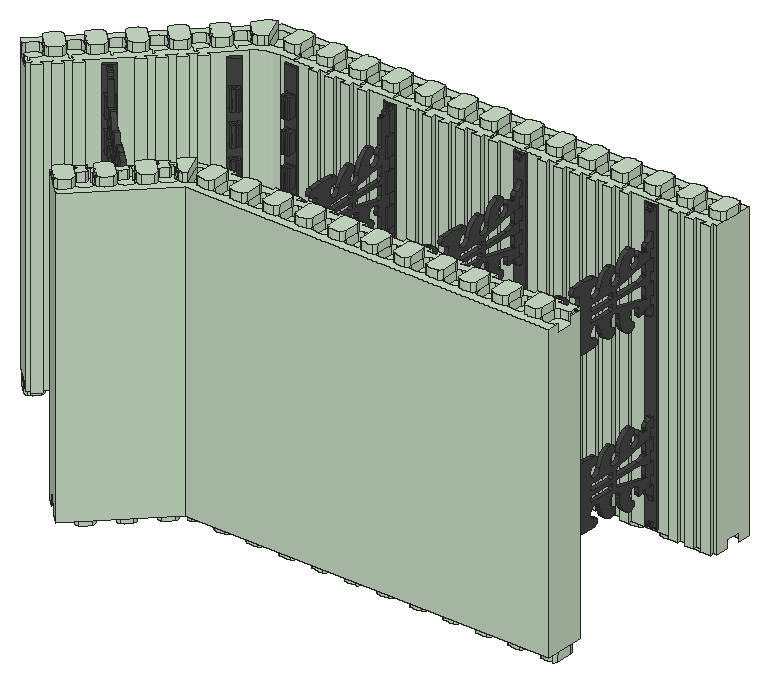
Revit family "ICF- NUDURA 10-inch- 45 Degree Form Unit- Imperial", category Generic Models, Revit 2010 (continued)
Definition of nested family "NUDURA Logo Diamond Missing Outside Line"
  Lines and regions (in)
    model lines
      curve 140: line (11.97232, 0, 11.75355) -> (11.73906, 0, 11.88822)
      curve 141: line (11.73906, 0, 11.88822) -> (11.52256, 0, 11.76322)
      curve 142: line (11.52256, 0, 11.76322) -> (11.52256, 0, 11.26322)
      curve 143: line (11.77256, 0, 11.38822) -> (11.77256, 0, 11.63822)
      curve 144: line (12.18882, 0, 11.14789) -> (11.77256, 0, 11.38822)
      curve 145: line (11.95557, 0, 11.01322) -> (12.18882, 0, 11.14789)
      curve 146: line (11.52256, 0, 11.26322) -> (11.95557, 0, 11.01322)
      curve 147: line (12.31108, 0, 10.60411) -> (11.68379, 0, 10.74458)
      curve 148: line (11.68379, 0, 10.74458) -> (11.68379, 0, 10.51321)
      curve 149: line (11.68379, 0, 10.51321) -> (12.1295, 0, 10.41405)
      curve 150: line (12.1295, 0, 10.41405) -> (11.68379, 0, 10.27358)
      curve 151: line (11.68379, 0, 10.27358) -> (11.68379, 0, 9.8852)
      curve 152: line (11.68379, 0, 9.8852) -> (12.17077, 0, 9.77615)
      curve 153: line (12.17077, 0, 9.77615) -> (12.17077, 0, 9.74472)
      curve 154: line (12.17077, 0, 9.74472) -> (11.86146, 0, 9.80279)
      curve 155: line (11.68379, 0, 9.65536) -> (11.68379, 0, 9.35864)
      curve 156: line (12.07077, 0, 8.74385) -> (12.07077, 0, 8.99996)
      curve 157: line (12.07077, 0, 8.99996) -> (11.68379, 0, 9.08605)
      curve 158: line (11.68379, 0, 9.08605) -> (11.68379, 0, 8.47809)
      curve 159: line (11.91823, 0, 9.06589) -> (12.31108, 0, 8.97792)
      curve 160: line (11.82444, 0, 8.55476) -> (11.82444, 0, 8.79865)
      curve 161: line (11.82444, 0, 8.79865) -> (12.07077, 0, 8.74385)
      curve 162: line (11.68379, 0, 8.07193) -> (11.68379, 0, 7.77522)
      curve 163: line (11.91823, 0, 7.48247) -> (12.21108, 0, 7.41688)
      curve 164: line (12.21108, 0, 7.41688) -> (12.21108, 0, 6.95405)
      curve 165: line (12.16108, 0, 6.90405) -> (12.12077, 0, 6.90405)
      curve 166: line (12.07077, 0, 6.95405) -> (12.07077, 0, 7.08675)
      curve 167: line (12.07077, 0, 7.08675) -> (12.12077, 0, 7.07556)
      curve 168: line (12.12077, 0, 7.07556) -> (12.12077, 0, 7.33463)
      curve 169: line (12.12077, 0, 7.33463) -> (11.68379, 0, 7.43249)
      curve 170: line (11.68379, 0, 7.43249) -> (11.68379, 0, 7.17341)
      curve 171: line (11.68379, 0, 7.17341) -> (11.97077, 0, 7.10915)
      curve 172: line (11.97077, 0, 7.10915) -> (11.97077, 0, 6.99425)
      curve 173: line (11.92077, 0, 6.94425) -> (11.68379, 0, 6.94425)
      curve 174: line (11.68379, 0, 6.94425) -> (11.68379, 0, 6.45682)
      curve 175: line (11.68379, 0, 6.45682) -> (11.78284, 0, 6.38658)
      curve 176: line (11.78284, 0, 6.38658) -> (11.78284, 0, 6.05178)
      curve 177: line (12.12371, 0, 6.14486) -> (11.88284, 0, 6.31567)
      curve 178: line (11.88284, 0, 6.31567) -> (11.88284, 0, 6.07909)
      curve 179: line (11.88284, 0, 6.07909) -> (12.12371, 0, 6.14486)
      curve 180: line (11.78284, 0, 6.05178) -> (11.68379, 0, 6.02474)
      curve 181: line (11.68379, 0, 6.02474) -> (11.68379, 0, 5.75355)
      curve 182: line (11.68379, 0, 5.75355) -> (12.31108, 0, 5.92483)
      curve 183: line (12.31108, 0, 5.92483) -> (12.31108, 0, 6.28791)
      curve 184: line (12.31108, 0, 6.28791) -> (11.76249, 0, 6.67694)
      curve 185: line (11.76249, 0, 6.67694) -> (11.90321, 0, 6.67694)
      curve 186: line (12.31108, 0, 6.78674) -> (12.31108, 0, 7.63562)
      curve 187: line (12.31108, 0, 7.63562) -> (11.90258, 0, 7.7271)
      curve 188: line (11.82444, 0, 7.82469) -> (11.82444, 0, 7.92839)
      curve 189: line (11.88536, 0, 7.97718) -> (12.31108, 0, 7.88185)
      curve 190: line (12.31108, 0, 7.88185) -> (12.31108, 0, 8.13496)
      curve 191: line (12.31108, 0, 8.13496) -> (12.08042, 0, 8.17826)
      curve 192: line (12.31108, 0, 8.38353) -> (12.31108, 0, 8.9465)
      curve 193: line (12.31108, 0, 8.9465) -> (12.17077, 0, 8.97771)
      curve 194: line (12.17077, 0, 8.97771) -> (12.17077, 0, 8.55476)
      curve 195: line (12.31108, 0, 8.97792) -> (12.31108, 0, 9.21905)
      curve 196: line (12.31108, 0, 9.21905) -> (11.90258, 0, 9.31053)
      curve 197: line (11.82444, 0, 9.40811) -> (11.82444, 0, 9.51182)
      curve 198: line (11.87938, 0, 9.56195) -> (12.31108, 0, 9.46528)
      curve 199: line (12.31108, 0, 9.46528) -> (12.31108, 0, 9.98469)
      curve 200: line (12.31108, 0, 9.98469) -> (11.90664, 0, 10.07526)
      curve 201: line (11.90664, 0, 10.07526) -> (12.31108, 0, 10.20747)
      curve 202: line (12.31108, 0, 10.20747) -> (12.31108, 0, 10.60411)
      curve 203: arc (11.68379, 0, 9.65536) -> (11.73801, 0, 9.7708) -> (11.86146, 0, 9.80279) r 0.15
      curve 204: arc (11.68379, 0, 9.35864) -> (11.74962, 0, 9.17112) -> (11.91823, 0, 9.06589) r 0.3
      curve 205: arc (11.84417, 0, 8.22149) -> (11.72718, 0, 8.32679) -> (11.68379, 0, 8.47809) r 0.28547
      curve 206: arc (11.68379, 0, 8.07193) -> (11.73147, 0, 8.18158) -> (11.84417, 0, 8.22149) r 0.14992
      curve 207: arc (11.68379, 0, 7.77522) -> (11.74962, 0, 7.58769) -> (11.91823, 0, 7.48247) r 0.3
      curve 208: arc (11.82444, 0, 7.82469) -> (11.84638, 0, 7.76218) -> (11.90258, 0, 7.7271) r 0.1
      curve 209: arc (11.82444, 0, 7.92839) -> (11.84318, 0, 7.96742) -> (11.88536, 0, 7.97718) r 0.05
      curve 210: arc (12.12077, 0, 6.90405) -> (12.08541, 0, 6.91869) -> (12.07077, 0, 6.95405) r 0.05
      curve 211: arc (12.16108, 0, 6.90405) -> (12.19644, 0, 6.91869) -> (12.21108, 0, 6.95405) r 0.05
      curve 212: arc (11.97077, 0, 6.99425) -> (11.95612, 0, 6.95889) -> (11.92077, 0, 6.94425) r 0.05
      curve 213: arc (11.90321, 0, 6.67694) -> (11.96756, 0, 6.70069) -> (12.00104, 0, 6.76055) r 0.09904
      curve 214: arc (12.00104, 0, 6.76055) -> (12.1681, 0, 6.63117) -> (12.31108, 0, 6.78674) r 0.15613
      curve 215: arc (12.08042, 0, 8.17826) -> (12.24181, 0, 8.22914) -> (12.31108, 0, 8.38353) r 0.20667
      curve 216: arc (11.82444, 0, 8.55476) -> (11.9976, 0, 8.3816) -> (12.17077, 0, 8.55476) r 0.17317
      curve 217: arc (11.82444, 0, 9.40811) -> (11.84638, 0, 9.34561) -> (11.90258, 0, 9.31053) r 0.1
      curve 218: arc (11.82444, 0, 9.51182) -> (11.8459, 0, 9.55306) -> (11.892, 0, 9.55913) r 0.05034
      curve 219: arc (11.24744, 0, 12.12855) -> (11.35727, 0, 12.39372) -> (11.62244, 0, 12.50355) r 0.375
      curve 220: arc (12.37244, 0, 12.50355) -> (12.6376, 0, 12.39372) -> (12.74744, 0, 12.12855) r 0.375
      curve 221: arc (11.24744, 0, 5.87855) -> (11.35727, 0, 5.61339) -> (11.62244, 0, 5.50355) r 0.375
      curve 222: arc (12.37244, 0, 5.50355) -> (12.6376, 0, 5.61339) -> (12.74744, 0, 5.87855) r 0.375
      curve 223: line (9.99744, 0, 18) -> (9.99744, 0, 0)
      curve 224: line (13.99744, 0, 18) -> (13.99744, 0, 0)
Definition of nested family "NUDURA Diamond Pattern Missing Two Lines"
  Reference planes (in)
    plane 1 "Center (Front/Back)": y = 0
    plane 2: z = 0
    plane 3 "Center (Left/Right)": x = 0
    plane 4: z = 18
  Lines and regions (in)
    model lines
      curve 1: line (2, -5.625, 18) -> (2, -5.625, 0)
      curve 2: line (3.35367, -5.625, 16.98484) -> (3.69709, -5.625, 16.64142)
      curve 3: arc (3.35367, -5.625, 17.51517) -> (3.24384, -5.625, 17.25) -> (3.35367, -5.625, 16.98484) r 0.375
      curve 4: line (3.72867, -5.625, 17.89017) -> (3.35367, -5.625, 17.51517)
      curve 5: arc (4.259, -5.625, 17.89017) -> (3.99384, -5.625, 18) -> (3.72867, -5.625, 17.89017) r 0.375
      curve 6: line (4.634, -5.625, 17.51517) -> (4.259, -5.625, 17.89017)
      curve 7: arc (4.634, -5.625, 16.98484) -> (4.74384, -5.625, 17.25) -> (4.634, -5.625, 17.51517) r 0.375
      curve 8: line (4.29059, -5.625, 16.64142) -> (4.634, -5.625, 16.98484)
      curve 9: arc (4.17062, -5.625, 17.80178) -> (3.99384, -5.625, 17.875) -> (3.81706, -5.625, 17.80178) r 0.25
      curve 10: line (4.54562, -5.625, 17.42678) -> (4.17062, -5.625, 17.80178)
      curve 11: arc (4.54562, -5.625, 17.07322) -> (4.61884, -5.625, 17.25) -> (4.54562, -5.625, 17.42678) r 0.25
      curve 12: line (4.17062, -5.625, 16.69822) -> (4.54562, -5.625, 17.07322)
      curve 13: arc (3.81706, -5.625, 16.69822) -> (3.99384, -5.625, 16.625) -> (4.17062, -5.625, 16.69822) r 0.25
      curve 14: line (3.44206, -5.625, 17.07322) -> (3.81706, -5.625, 16.69822)
      curve 15: arc (3.44206, -5.625, 17.42678) -> (3.36884, -5.625, 17.25) -> (3.44206, -5.625, 17.07322) r 0.25
      curve 16: line (3.81706, -5.625, 17.80178) -> (3.44206, -5.625, 17.42678)
      curve 17: arc (3.69709, -5.625, 16.35858) -> (3.75567, -5.625, 16.5) -> (3.69709, -5.625, 16.64142) r 0.2
      curve 18: line (4.634, -5.625, 16.01517) -> (4.29059, -5.625, 16.35858)
      curve 19: arc (4.634, -5.625, 15.48484) -> (4.74384, -5.625, 15.75) -> (4.634, -5.625, 16.01517) r 0.375
      curve 20: line (4.29059, -5.625, 15.14142) -> (4.634, -5.625, 15.48484)
      curve 21: line (3.35367, -5.625, 15.48484) -> (3.69709, -5.625, 15.14142)
      curve 22: arc (3.35367, -5.625, 16.01517) -> (3.24384, -5.625, 15.75) -> (3.35367, -5.625, 15.48484) r 0.375
      curve 23: line (3.69709, -5.625, 16.35858) -> (3.35367, -5.625, 16.01517)
      curve 24: arc (4.17062, -5.625, 16.30178) -> (3.99384, -5.625, 16.375) -> (3.81706, -5.625, 16.30178) r 0.25
      curve 25: line (3.81706, -5.625, 16.30178) -> (3.44206, -5.625, 15.92678)
      curve 26: arc (3.44206, -5.625, 15.92678) -> (3.36884, -5.625, 15.75) -> (3.44206, -5.625, 15.57322) r 0.25
      curve 27: line (3.44206, -5.625, 15.57322) -> (3.81706, -5.625, 15.19822)
      curve 28: arc (3.81706, -5.625, 15.19822) -> (3.99384, -5.625, 15.125) -> (4.17062, -5.625, 15.19822) r 0.25
      curve 29: line (4.17062, -5.625, 15.19822) -> (4.54562, -5.625, 15.57322)
      curve 30: arc (4.54562, -5.625, 15.57322) -> (4.61884, -5.625, 15.75) -> (4.54562, -5.625, 15.92678) r 0.25
      curve 31: line (4.54562, -5.625, 15.92678) -> (4.17062, -5.625, 16.30178)
      curve 32: arc (3.69709, -5.625, 14.85858) -> (3.75567, -5.625, 15) -> (3.69709, -5.625, 15.14142) r 0.2
      curve 33: line (4.634, -5.625, 14.51517) -> (4.29059, -5.625, 14.85858)
      curve 34: arc (4.634, -5.625, 13.98484) -> (4.74384, -5.625, 14.25) -> (4.634, -5.625, 14.51517) r 0.375
      curve 35: line (4.29059, -5.625, 13.64142) -> (4.634, -5.625, 13.98484)
      curve 36: line (3.35367, -5.625, 13.98484) -> (3.69709, -5.625, 13.64142)
      curve 37: arc (3.35367, -5.625, 14.51517) -> (3.24384, -5.625, 14.25) -> (3.35367, -5.625, 13.98484) r 0.375
      curve 38: line (3.69709, -5.625, 14.85858) -> (3.35367, -5.625, 14.51517)
      curve 39: arc (4.17062, -5.625, 14.80178) -> (3.99384, -5.625, 14.875) -> (3.81706, -5.625, 14.80178) r 0.25
      curve 40: line (3.81706, -5.625, 14.80178) -> (3.44206, -5.625, 14.42678)
      curve 41: arc (3.44206, -5.625, 14.42678) -> (3.36884, -5.625, 14.25) -> (3.44206, -5.625, 14.07322) r 0.25
      curve 42: line (3.44206, -5.625, 14.07322) -> (3.81706, -5.625, 13.69822)
      curve 43: arc (3.81706, -5.625, 13.69822) -> (3.99384, -5.625, 13.625) -> (4.17062, -5.625, 13.69822) r 0.25
      curve 44: line (4.17062, -5.625, 13.69822) -> (4.54562, -5.625, 14.07322)
      curve 45: arc (4.54562, -5.625, 14.07322) -> (4.61884, -5.625, 14.25) -> (4.54562, -5.625, 14.42678) r 0.25
      curve 46: line (4.54562, -5.625, 14.42678) -> (4.17062, -5.625, 14.80178)
      curve 47: arc (3.69709, -5.625, 13.35858) -> (3.75567, -5.625, 13.5) -> (3.69709, -5.625, 13.64142) r 0.2
      curve 48: line (4.634, -5.625, 13.01517) -> (4.29059, -5.625, 13.35858)
      curve 49: arc (4.634, -5.625, 12.48484) -> (4.74384, -5.625, 12.75) -> (4.634, -5.625, 13.01517) r 0.375
      curve 50: line (4.29059, -5.625, 12.14142) -> (4.634, -5.625, 12.48484)
      curve 51: line (3.35367, -5.625, 12.48484) -> (3.69709, -5.625, 12.14142)
      curve 52: arc (3.35367, -5.625, 13.01517) -> (3.24384, -5.625, 12.75) -> (3.35367, -5.625, 12.48484) r 0.375
      curve 53: line (3.69709, -5.625, 13.35858) -> (3.35367, -5.625, 13.01517)
      curve 54: arc (4.17062, -5.625, 13.30178) -> (3.99384, -5.625, 13.375) -> (3.81706, -5.625, 13.30178) r 0.25
      curve 55: line (3.81706, -5.625, 13.30178) -> (3.44206, -5.625, 12.92678)
      curve 56: arc (3.44206, -5.625, 12.92678) -> (3.36884, -5.625, 12.75) -> (3.44206, -5.625, 12.57322) r 0.25
      curve 57: line (3.44206, -5.625, 12.57322) -> (3.81706, -5.625, 12.19822)
      curve 58: arc (3.81706, -5.625, 12.19822) -> (3.99384, -5.625, 12.125) -> (4.17062, -5.625, 12.19822) r 0.25
      curve 59: line (4.17062, -5.625, 12.19822) -> (4.54562, -5.625, 12.57322)
      curve 60: arc (4.54562, -5.625, 12.57322) -> (4.61884, -5.625, 12.75) -> (4.54562, -5.625, 12.92678) r 0.25
      curve 61: line (4.54562, -5.625, 12.92678) -> (4.17062, -5.625, 13.30178)
      curve 62: arc (3.69709, -5.625, 11.85858) -> (3.75567, -5.625, 12) -> (3.69709, -5.625, 12.14142) r 0.2
      curve 63: line (4.634, -5.625, 11.51517) -> (4.29059, -5.625, 11.85858)
      curve 64: arc (4.634, -5.625, 10.98484) -> (4.74384, -5.625, 11.25) -> (4.634, -5.625, 11.51517) r 0.375
      curve 65: line (4.29059, -5.625, 10.64142) -> (4.634, -5.625, 10.98484)
      curve 66: line (3.35367, -5.625, 10.98484) -> (3.69709, -5.625, 10.64142)
      curve 67: arc (3.35367, -5.625, 11.51517) -> (3.24384, -5.625, 11.25) -> (3.35367, -5.625, 10.98484) r 0.375
      curve 68: line (3.69709, -5.625, 11.85858) -> (3.35367, -5.625, 11.51517)
      curve 69: arc (4.17062, -5.625, 11.80178) -> (3.99384, -5.625, 11.875) -> (3.81706, -5.625, 11.80178) r 0.25
      curve 70: line (3.81706, -5.625, 11.80178) -> (3.44206, -5.625, 11.42678)
      curve 71: arc (3.44206, -5.625, 11.42678) -> (3.36884, -5.625, 11.25) -> (3.44206, -5.625, 11.07322) r 0.25
      curve 72: line (3.44206, -5.625, 11.07322) -> (3.81706, -5.625, 10.69822)
      curve 73: arc (3.81706, -5.625, 10.69822) -> (3.99384, -5.625, 10.625) -> (4.17062, -5.625, 10.69822) r 0.25
      curve 74: line (4.17062, -5.625, 10.69822) -> (4.54562, -5.625, 11.07322)
      curve 75: arc (4.54562, -5.625, 11.07322) -> (4.61884, -5.625, 11.25) -> (4.54562, -5.625, 11.42678) r 0.25
      curve 76: line (4.54562, -5.625, 11.42678) -> (4.17062, -5.625, 11.80178)
      curve 77: arc (3.69709, -5.625, 10.35858) -> (3.75567, -5.625, 10.5) -> (3.69709, -5.625, 10.64142) r 0.2
      curve 78: line (4.634, -5.625, 10.01517) -> (4.29059, -5.625, 10.35858)
      curve 79: arc (4.634, -5.625, 9.48484) -> (4.74384, -5.625, 9.75) -> (4.634, -5.625, 10.01517) r 0.375
      curve 80: line (4.29059, -5.625, 9.14142) -> (4.634, -5.625, 9.48484)
      curve 81: line (3.35367, -5.625, 9.48484) -> (3.69709, -5.625, 9.14142)
      curve 82: arc (3.35367, -5.625, 10.01517) -> (3.24384, -5.625, 9.75) -> (3.35367, -5.625, 9.48484) r 0.375
      curve 83: line (3.69709, -5.625, 10.35858) -> (3.35367, -5.625, 10.01517)
      curve 84: arc (4.17062, -5.625, 10.30178) -> (3.99384, -5.625, 10.375) -> (3.81706, -5.625, 10.30178) r 0.25
      curve 85: line (3.81706, -5.625, 10.30178) -> (3.44206, -5.625, 9.92678)
      curve 86: arc (3.44206, -5.625, 9.92678) -> (3.36884, -5.625, 9.75) -> (3.44206, -5.625, 9.57322) r 0.25
      curve 87: line (3.44206, -5.625, 9.57322) -> (3.81706, -5.625, 9.19822)
      curve 88: arc (3.81706, -5.625, 9.19822) -> (3.99384, -5.625, 9.125) -> (4.17062, -5.625, 9.19822) r 0.25
      curve 89: line (4.17062, -5.625, 9.19822) -> (4.54562, -5.625, 9.57322)
      curve 90: arc (4.54562, -5.625, 9.57322) -> (4.61884, -5.625, 9.75) -> (4.54562, -5.625, 9.92678) r 0.25
      curve 91: line (4.54562, -5.625, 9.92678) -> (4.17062, -5.625, 10.30178)
      curve 92: arc (3.69709, -5.625, 8.85858) -> (3.75567, -5.625, 9) -> (3.69709, -5.625, 9.14142) r 0.2
      curve 93: line (4.634, -5.625, 8.51517) -> (4.29059, -5.625, 8.85858)
      curve 94: arc (4.634, -5.625, 7.98484) -> (4.74384, -5.625, 8.25) -> (4.634, -5.625, 8.51517) r 0.375
      curve 95: line (4.29059, -5.625, 7.64142) -> (4.634, -5.625, 7.98484)
      curve 96: line (3.35367, -5.625, 7.98484) -> (3.69709, -5.625, 7.64142)
      curve 97: arc (3.35367, -5.625, 8.51517) -> (3.24384, -5.625, 8.25) -> (3.35367, -5.625, 7.98484) r 0.375
      curve 98: line (3.69709, -5.625, 8.85858) -> (3.35367, -5.625, 8.51517)
      curve 99: arc (4.17062, -5.625, 8.80178) -> (3.99384, -5.625, 8.875) -> (3.81706, -5.625, 8.80178) r 0.25
      curve 100: line (3.81706, -5.625, 8.80178) -> (3.44206, -5.625, 8.42678)
      curve 101: arc (3.44206, -5.625, 8.42678) -> (3.36884, -5.625, 8.25) -> (3.44206, -5.625, 8.07322) r 0.25
      curve 102: line (3.44206, -5.625, 8.07322) -> (3.81706, -5.625, 7.69822)
      curve 103: arc (3.81706, -5.625, 7.69822) -> (3.99384, -5.625, 7.625) -> (4.17062, -5.625, 7.69822) r 0.25
      curve 104: line (4.17062, -5.625, 7.69822) -> (4.54562, -5.625, 8.07322)
      curve 105: arc (4.54562, -5.625, 8.07322) -> (4.61884, -5.625, 8.25) -> (4.54562, -5.625, 8.42678) r 0.25
      curve 106: line (4.54562, -5.625, 8.42678) -> (4.17062, -5.625, 8.80178)
      curve 107: arc (3.69709, -5.625, 7.35858) -> (3.75567, -5.625, 7.5) -> (3.69709, -5.625, 7.64142) r 0.2
      curve 108: line (4.634, -5.625, 7.01517) -> (4.29059, -5.625, 7.35858)
      curve 109: arc (4.634, -5.625, 6.48484) -> (4.74384, -5.625, 6.75) -> (4.634, -5.625, 7.01517) r 0.375
      curve 110: line (4.29059, -5.625, 6.14142) -> (4.634, -5.625, 6.48484)
      curve 111: line (3.35367, -5.625, 6.48484) -> (3.69709, -5.625, 6.14142)
      curve 112: arc (3.35367, -5.625, 7.01517) -> (3.24384, -5.625, 6.75) -> (3.35367, -5.625, 6.48484) r 0.375
      curve 113: line (3.69709, -5.625, 7.35858) -> (3.35367, -5.625, 7.01517)
      curve 114: arc (4.17062, -5.625, 7.30178) -> (3.99384, -5.625, 7.375) -> (3.81706, -5.625, 7.30178) r 0.25
      curve 115: line (3.81706, -5.625, 7.30178) -> (3.44206, -5.625, 6.92678)
      curve 116: arc (3.44206, -5.625, 6.92678) -> (3.36884, -5.625, 6.75) -> (3.44206, -5.625, 6.57322) r 0.25
      curve 117: line (3.44206, -5.625, 6.57322) -> (3.81706, -5.625, 6.19822)
      curve 118: arc (3.81706, -5.625, 6.19822) -> (3.99384, -5.625, 6.125) -> (4.17062, -5.625, 6.19822) r 0.25
      curve 119: line (4.17062, -5.625, 6.19822) -> (4.54562, -5.625, 6.57322)
      curve 120: arc (4.54562, -5.625, 6.57322) -> (4.61884, -5.625, 6.75) -> (4.54562, -5.625, 6.92678) r 0.25
      curve 121: line (4.54562, -5.625, 6.92678) -> (4.17062, -5.625, 7.30178)
      curve 122: arc (3.69709, -5.625, 5.85858) -> (3.75567, -5.625, 6) -> (3.69709, -5.625, 6.14142) r 0.2
      curve 123: line (4.634, -5.625, 5.51517) -> (4.29059, -5.625, 5.85858)
      curve 124: arc (4.634, -5.625, 4.98484) -> (4.74384, -5.625, 5.25) -> (4.634, -5.625, 5.51517) r 0.375
      curve 125: line (4.29059, -5.625, 4.64142) -> (4.634, -5.625, 4.98484)
      curve 126: line (3.35367, -5.625, 4.98484) -> (3.69709, -5.625, 4.64142)
      curve 127: arc (3.35367, -5.625, 5.51517) -> (3.24384, -5.625, 5.25) -> (3.35367, -5.625, 4.98484) r 0.375
      curve 128: line (3.69709, -5.625, 5.85858) -> (3.35367, -5.625, 5.51517)
      curve 129: arc (4.17062, -5.625, 5.80178) -> (3.99384, -5.625, 5.875) -> (3.81706, -5.625, 5.80178) r 0.25
      curve 130: line (3.81706, -5.625, 5.80178) -> (3.44206, -5.625, 5.42678)
      curve 131: arc (3.44206, -5.625, 5.42678) -> (3.36884, -5.625, 5.25) -> (3.44206, -5.625, 5.07322) r 0.25
      curve 132: line (3.44206, -5.625, 5.07322) -> (3.81706, -5.625, 4.69822)
      curve 133: arc (3.81706, -5.625, 4.69822) -> (3.99384, -5.625, 4.625) -> (4.17062, -5.625, 4.69822) r 0.25
      curve 134: line (4.17062, -5.625, 4.69822) -> (4.54562, -5.625, 5.07322)
      curve 135: arc (4.54562, -5.625, 5.07322) -> (4.61884, -5.625, 5.25) -> (4.54562, -5.625, 5.42678) r 0.25
      curve 136: line (4.54562, -5.625, 5.42678) -> (4.17062, -5.625, 5.80178)
      curve 137: arc (3.69709, -5.625, 4.35858) -> (3.75567, -5.625, 4.5) -> (3.69709, -5.625, 4.64142) r 0.2
      curve 138: line (4.634, -5.625, 4.01517) -> (4.29059, -5.625, 4.35858)
      curve 139: arc (4.634, -5.625, 3.48484) -> (4.74384, -5.625, 3.75) -> (4.634, -5.625, 4.01517) r 0.375
      curve 140: line (4.29059, -5.625, 3.14142) -> (4.634, -5.625, 3.48484)
      curve 141: line (3.35367, -5.625, 3.48484) -> (3.69709, -5.625, 3.14142)
      curve 142: arc (3.35367, -5.625, 4.01517) -> (3.24384, -5.625, 3.75) -> (3.35367, -5.625, 3.48484) r 0.375
      curve 143: line (3.69709, -5.625, 4.35858) -> (3.35367, -5.625, 4.01517)
      curve 144: arc (4.17062, -5.625, 4.30178) -> (3.99384, -5.625, 4.375) -> (3.81706, -5.625, 4.30178) r 0.25
      curve 145: line (3.81706, -5.625, 4.30178) -> (3.44206, -5.625, 3.92678)
      curve 146: arc (3.44206, -5.625, 3.92678) -> (3.36884, -5.625, 3.75) -> (3.44206, -5.625, 3.57322) r 0.25
      curve 147: line (3.44206, -5.625, 3.57322) -> (3.81706, -5.625, 3.19822)
      curve 148: arc (3.81706, -5.625, 3.19822) -> (3.99384, -5.625, 3.125) -> (4.17062, -5.625, 3.19822) r 0.25
      curve 149: line (4.17062, -5.625, 3.19822) -> (4.54562, -5.625, 3.57322)
      curve 150: arc (4.54562, -5.625, 3.57322) -> (4.61884, -5.625, 3.75) -> (4.54562, -5.625, 3.92678) r 0.25
      curve 151: line (4.54562, -5.625, 3.92678) -> (4.17062, -5.625, 4.30178)
      curve 152: arc (3.69709, -5.625, 2.85858) -> (3.75567, -5.625, 3) -> (3.69709, -5.625, 3.14142) r 0.2
      curve 153: line (4.634, -5.625, 2.51517) -> (4.29059, -5.625, 2.85858)
      curve 154: arc (4.634, -5.625, 1.98484) -> (4.74384, -5.625, 2.25) -> (4.634, -5.625, 2.51517) r 0.375
      curve 155: line (4.29059, -5.625, 1.64142) -> (4.634, -5.625, 1.98484)
      curve 156: line (3.35367, -5.625, 1.98484) -> (3.69709, -5.625, 1.64142)
      curve 157: arc (3.35367, -5.625, 2.51517) -> (3.24384, -5.625, 2.25) -> (3.35367, -5.625, 1.98484) r 0.375
      curve 158: line (3.69709, -5.625, 2.85858) -> (3.35367, -5.625, 2.51517)
      curve 159: arc (4.17062, -5.625, 2.80178) -> (3.99384, -5.625, 2.875) -> (3.81706, -5.625, 2.80178) r 0.25
      curve 160: line (3.81706, -5.625, 2.80178) -> (3.44206, -5.625, 2.42678)
      curve 161: arc (3.44206, -5.625, 2.42678) -> (3.36884, -5.625, 2.25) -> (3.44206, -5.625, 2.07322) r 0.25
      curve 162: line (3.44206, -5.625, 2.07322) -> (3.81706, -5.625, 1.69822)
      curve 163: arc (3.81706, -5.625, 1.69822) -> (3.99384, -5.625, 1.625) -> (4.17062, -5.625, 1.69822) r 0.25
      curve 164: line (4.17062, -5.625, 1.69822) -> (4.54562, -5.625, 2.07322)
      curve 165: arc (4.54562, -5.625, 2.07322) -> (4.61884, -5.625, 2.25) -> (4.54562, -5.625, 2.42678) r 0.25
      curve 166: line (4.54562, -5.625, 2.42678) -> (4.17062, -5.625, 2.80178)
      curve 167: arc (3.69709, -5.625, 1.35858) -> (3.75567, -5.625, 1.5) -> (3.69709, -5.625, 1.64142) r 0.2
      curve 168: line (3.69709, -5.625, 1.35858) -> (3.35367, -5.625, 1.01517)
      curve 169: arc (3.35367, -5.625, 1.01517) -> (3.24384, -5.625, 0.75) -> (3.35367, -5.625, 0.48484) r 0.375
      curve 170: line (3.35367, -5.625, 0.48484) -> (3.72867, -5.625, 0.10984)
      curve 171: arc (3.72867, -5.625, 0.10984) -> (3.99384, -5.625, 0) -> (4.259, -5.625, 0.10984) r 0.375
      curve 172: line (4.259, -5.625, 0.10984) -> (4.634, -5.625, 0.48484)
      curve 173: arc (4.634, -5.625, 0.48484) -> (4.74384, -5.625, 0.75) -> (4.634, -5.625, 1.01517) r 0.375
      curve 174: line (4.634, -5.625, 1.01517) -> (4.29059, -5.625, 1.35858)
      curve 175: arc (4.29059, -5.625, 1.64142) -> (4.23201, -5.625, 1.5) -> (4.29059, -5.625, 1.35858) r 0.2
      curve 176: arc (4.17062, -5.625, 1.30178) -> (3.99384, -5.625, 1.375) -> (3.81706, -5.625, 1.30178) r 0.25
      curve 177: line (4.54562, -5.625, 0.92678) -> (4.17062, -5.625, 1.30178)
      curve 178: arc (4.54562, -5.625, 0.57322) -> (4.61884, -5.625, 0.75) -> (4.54562, -5.625, 0.92678) r 0.25
      curve 179: line (4.17062, -5.625, 0.19822) -> (4.54562, -5.625, 0.57322)
      curve 180: arc (3.81706, -5.625, 0.19822) -> (3.99384, -5.625, 0.125) -> (4.17062, -5.625, 0.19822) r 0.25
      curve 181: line (3.44206, -5.625, 0.57322) -> (3.81706, -5.625, 0.19822)
      curve 182: arc (3.44206, -5.625, 0.92678) -> (3.36884, -5.625, 0.75) -> (3.44206, -5.625, 0.57322) r 0.25
      curve 183: line (3.81706, -5.625, 1.30178) -> (3.44206, -5.625, 0.92678)
      curve 184: arc (4.29059, -5.625, 3.14142) -> (4.23201, -5.625, 3) -> (4.29059, -5.625, 2.85858) r 0.2
      curve 185: arc (4.29059, -5.625, 4.64142) -> (4.23201, -5.625, 4.5) -> (4.29059, -5.625, 4.35858) r 0.2
      curve 186: arc (4.29059, -5.625, 6.14142) -> (4.23201, -5.625, 6) -> (4.29059, -5.625, 5.85858) r 0.2
      curve 187: arc (4.29059, -5.625, 7.64142) -> (4.23201, -5.625, 7.5) -> (4.29059, -5.625, 7.35858) r 0.2
      curve 188: arc (4.29059, -5.625, 9.14142) -> (4.23201, -5.625, 9) -> (4.29059, -5.625, 8.85858) r 0.2
      curve 189: arc (4.29059, -5.625, 10.64142) -> (4.23201, -5.625, 10.5) -> (4.29059, -5.625, 10.35858) r 0.2
      curve 190: arc (4.29059, -5.625, 12.14142) -> (4.23201, -5.625, 12) -> (4.29059, -5.625, 11.85858) r 0.2
      curve 191: arc (4.29059, -5.625, 13.64142) -> (4.23201, -5.625, 13.5) -> (4.29059, -5.625, 13.35858) r 0.2
      curve 192: arc (4.29059, -5.625, 15.14142) -> (4.23201, -5.625, 15) -> (4.29059, -5.625, 14.85858) r 0.2
      curve 193: arc (4.29059, -5.625, 16.64142) -> (4.23201, -5.625, 16.5) -> (4.29059, -5.625, 16.35858) r 0.2
Definition of nested family "NUDURA Diamond Pattern Missing one line"
  Reference planes (in)
    plane 1 "Center (Front/Back)": y = 0
    plane 2: z = 0
    plane 3 "Center (Left/Right)": x = 0
    plane 4: z = 18
  Lines and regions (in)
    model lines
      curve 1: line (6, -5.625, 18) -> (6, -5.625, 0)
      curve 2: line (2, -5.625, 18) -> (2, -5.625, 0)
      curve 3: line (3.35367, -5.625, 16.98484) -> (3.69709, -5.625, 16.64142)
      curve 4: arc (3.35367, -5.625, 17.51517) -> (3.24384, -5.625, 17.25) -> (3.35367, -5.625, 16.98484) r 0.375
      curve 5: line (3.72867, -5.625, 17.89017) -> (3.35367, -5.625, 17.51517)
      curve 6: arc (4.259, -5.625, 17.89017) -> (3.99384, -5.625, 18) -> (3.72867, -5.625, 17.89017) r 0.375
      curve 7: line (4.634, -5.625, 17.51517) -> (4.259, -5.625, 17.89017)
      curve 8: arc (4.634, -5.625, 16.98484) -> (4.74384, -5.625, 17.25) -> (4.634, -5.625, 17.51517) r 0.375
      curve 9: line (4.29059, -5.625, 16.64142) -> (4.634, -5.625, 16.98484)
      curve 10: arc (4.17062, -5.625, 17.80178) -> (3.99384, -5.625, 17.875) -> (3.81706, -5.625, 17.80178) r 0.25
      curve 11: line (4.54562, -5.625, 17.42678) -> (4.17062, -5.625, 17.80178)
      curve 12: arc (4.54562, -5.625, 17.07322) -> (4.61884, -5.625, 17.25) -> (4.54562, -5.625, 17.42678) r 0.25
      curve 13: line (4.17062, -5.625, 16.69822) -> (4.54562, -5.625, 17.07322)
      curve 14: arc (3.81706, -5.625, 16.69822) -> (3.99384, -5.625, 16.625) -> (4.17062, -5.625, 16.69822) r 0.25
      curve 15: line (3.44206, -5.625, 17.07322) -> (3.81706, -5.625, 16.69822)
      curve 16: arc (3.44206, -5.625, 17.42678) -> (3.36884, -5.625, 17.25) -> (3.44206, -5.625, 17.07322) r 0.25
      curve 17: line (3.81706, -5.625, 17.80178) -> (3.44206, -5.625, 17.42678)
      curve 18: arc (3.69709, -5.625, 16.35858) -> (3.75567, -5.625, 16.5) -> (3.69709, -5.625, 16.64142) r 0.2
      curve 19: line (4.634, -5.625, 16.01517) -> (4.29059, -5.625, 16.35858)
      curve 20: arc (4.634, -5.625, 15.48484) -> (4.74384, -5.625, 15.75) -> (4.634, -5.625, 16.01517) r 0.375
      curve 21: line (4.29059, -5.625, 15.14142) -> (4.634, -5.625, 15.48484)
      curve 22: line (3.35367, -5.625, 15.48484) -> (3.69709, -5.625, 15.14142)
      curve 23: arc (3.35367, -5.625, 16.01517) -> (3.24384, -5.625, 15.75) -> (3.35367, -5.625, 15.48484) r 0.375
      curve 24: line (3.69709, -5.625, 16.35858) -> (3.35367, -5.625, 16.01517)
      curve 25: arc (4.17062, -5.625, 16.30178) -> (3.99384, -5.625, 16.375) -> (3.81706, -5.625, 16.30178) r 0.25
      curve 26: line (3.81706, -5.625, 16.30178) -> (3.44206, -5.625, 15.92678)
      curve 27: arc (3.44206, -5.625, 15.92678) -> (3.36884, -5.625, 15.75) -> (3.44206, -5.625, 15.57322) r 0.25
      curve 28: line (3.44206, -5.625, 15.57322) -> (3.81706, -5.625, 15.19822)
      curve 29: arc (3.81706, -5.625, 15.19822) -> (3.99384, -5.625, 15.125) -> (4.17062, -5.625, 15.19822) r 0.25
      curve 30: line (4.17062, -5.625, 15.19822) -> (4.54562, -5.625, 15.57322)
      curve 31: arc (4.54562, -5.625, 15.57322) -> (4.61884, -5.625, 15.75) -> (4.54562, -5.625, 15.92678) r 0.25
      curve 32: line (4.54562, -5.625, 15.92678) -> (4.17062, -5.625, 16.30178)
      curve 33: arc (3.69709, -5.625, 14.85858) -> (3.75567, -5.625, 15) -> (3.69709, -5.625, 15.14142) r 0.2
      curve 34: line (4.634, -5.625, 14.51517) -> (4.29059, -5.625, 14.85858)
      curve 35: arc (4.634, -5.625, 13.98484) -> (4.74384, -5.625, 14.25) -> (4.634, -5.625, 14.51517) r 0.375
      curve 36: line (4.29059, -5.625, 13.64142) -> (4.634, -5.625, 13.98484)
      curve 37: line (3.35367, -5.625, 13.98484) -> (3.69709, -5.625, 13.64142)
      curve 38: arc (3.35367, -5.625, 14.51517) -> (3.24384, -5.625, 14.25) -> (3.35367, -5.625, 13.98484) r 0.375
      curve 39: line (3.69709, -5.625, 14.85858) -> (3.35367, -5.625, 14.51517)
      curve 40: arc (4.17062, -5.625, 14.80178) -> (3.99384, -5.625, 14.875) -> (3.81706, -5.625, 14.80178) r 0.25
      curve 41: line (3.81706, -5.625, 14.80178) -> (3.44206, -5.625, 14.42678)
      curve 42: arc (3.44206, -5.625, 14.42678) -> (3.36884, -5.625, 14.25) -> (3.44206, -5.625, 14.07322) r 0.25
      curve 43: line (3.44206, -5.625, 14.07322) -> (3.81706, -5.625, 13.69822)
      curve 44: arc (3.81706, -5.625, 13.69822) -> (3.99384, -5.625, 13.625) -> (4.17062, -5.625, 13.69822) r 0.25
      curve 45: line (4.17062, -5.625, 13.69822) -> (4.54562, -5.625, 14.07322)
      curve 46: arc (4.54562, -5.625, 14.07322) -> (4.61884, -5.625, 14.25) -> (4.54562, -5.625, 14.42678) r 0.25
      curve 47: line (4.54562, -5.625, 14.42678) -> (4.17062, -5.625, 14.80178)
      curve 48: arc (3.69709, -5.625, 13.35858) -> (3.75567, -5.625, 13.5) -> (3.69709, -5.625, 13.64142) r 0.2
      curve 49: line (4.634, -5.625, 13.01517) -> (4.29059, -5.625, 13.35858)
      curve 50: arc (4.634, -5.625, 12.48484) -> (4.74384, -5.625, 12.75) -> (4.634, -5.625, 13.01517) r 0.375
      curve 51: line (4.29059, -5.625, 12.14142) -> (4.634, -5.625, 12.48484)
      curve 52: line (3.35367, -5.625, 12.48484) -> (3.69709, -5.625, 12.14142)
      curve 53: arc (3.35367, -5.625, 13.01517) -> (3.24384, -5.625, 12.75) -> (3.35367, -5.625, 12.48484) r 0.375
      curve 54: line (3.69709, -5.625, 13.35858) -> (3.35367, -5.625, 13.01517)
      curve 55: arc (4.17062, -5.625, 13.30178) -> (3.99384, -5.625, 13.375) -> (3.81706, -5.625, 13.30178) r 0.25
      curve 56: line (3.81706, -5.625, 13.30178) -> (3.44206, -5.625, 12.92678)
      curve 57: arc (3.44206, -5.625, 12.92678) -> (3.36884, -5.625, 12.75) -> (3.44206, -5.625, 12.57322) r 0.25
      curve 58: line (3.44206, -5.625, 12.57322) -> (3.81706, -5.625, 12.19822)
      curve 59: arc (3.81706, -5.625, 12.19822) -> (3.99384, -5.625, 12.125) -> (4.17062, -5.625, 12.19822) r 0.25
      curve 60: line (4.17062, -5.625, 12.19822) -> (4.54562, -5.625, 12.57322)
      curve 61: arc (4.54562, -5.625, 12.57322) -> (4.61884, -5.625, 12.75) -> (4.54562, -5.625, 12.92678) r 0.25
      curve 62: line (4.54562, -5.625, 12.92678) -> (4.17062, -5.625, 13.30178)
      curve 63: arc (3.69709, -5.625, 11.85858) -> (3.75567, -5.625, 12) -> (3.69709, -5.625, 12.14142) r 0.2
      curve 64: line (4.634, -5.625, 11.51517) -> (4.29059, -5.625, 11.85858)
      curve 65: arc (4.634, -5.625, 10.98484) -> (4.74384, -5.625, 11.25) -> (4.634, -5.625, 11.51517) r 0.375
      curve 66: line (4.29059, -5.625, 10.64142) -> (4.634, -5.625, 10.98484)
      curve 67: line (3.35367, -5.625, 10.98484) -> (3.69709, -5.625, 10.64142)
      curve 68: arc (3.35367, -5.625, 11.51517) -> (3.24384, -5.625, 11.25) -> (3.35367, -5.625, 10.98484) r 0.375
      curve 69: line (3.69709, -5.625, 11.85858) -> (3.35367, -5.625, 11.51517)
      curve 70: arc (4.17062, -5.625, 11.80178) -> (3.99384, -5.625, 11.875) -> (3.81706, -5.625, 11.80178) r 0.25
      curve 71: line (3.81706, -5.625, 11.80178) -> (3.44206, -5.625, 11.42678)
      curve 72: arc (3.44206, -5.625, 11.42678) -> (3.36884, -5.625, 11.25) -> (3.44206, -5.625, 11.07322) r 0.25
      curve 73: line (3.44206, -5.625, 11.07322) -> (3.81706, -5.625, 10.69822)
      curve 74: arc (3.81706, -5.625, 10.69822) -> (3.99384, -5.625, 10.625) -> (4.17062, -5.625, 10.69822) r 0.25
      curve 75: line (4.17062, -5.625, 10.69822) -> (4.54562, -5.625, 11.07322)
      curve 76: arc (4.54562, -5.625, 11.07322) -> (4.61884, -5.625, 11.25) -> (4.54562, -5.625, 11.42678) r 0.25
      curve 77: line (4.54562, -5.625, 11.42678) -> (4.17062, -5.625, 11.80178)
      curve 78: arc (3.69709, -5.625, 10.35858) -> (3.75567, -5.625, 10.5) -> (3.69709, -5.625, 10.64142) r 0.2
      curve 79: line (4.634, -5.625, 10.01517) -> (4.29059, -5.625, 10.35858)
      curve 80: arc (4.634, -5.625, 9.48484) -> (4.74384, -5.625, 9.75) -> (4.634, -5.625, 10.01517) r 0.375
      curve 81: line (4.29059, -5.625, 9.14142) -> (4.634, -5.625, 9.48484)
      curve 82: line (3.35367, -5.625, 9.48484) -> (3.69709, -5.625, 9.14142)
      curve 83: arc (3.35367, -5.625, 10.01517) -> (3.24384, -5.625, 9.75) -> (3.35367, -5.625, 9.48484) r 0.375
      curve 84: line (3.69709, -5.625, 10.35858) -> (3.35367, -5.625, 10.01517)
      curve 85: arc (4.17062, -5.625, 10.30178) -> (3.99384, -5.625, 10.375) -> (3.81706, -5.625, 10.30178) r 0.25
      curve 86: line (3.81706, -5.625, 10.30178) -> (3.44206, -5.625, 9.92678)
      curve 87: arc (3.44206, -5.625, 9.92678) -> (3.36884, -5.625, 9.75) -> (3.44206, -5.625, 9.57322) r 0.25
      curve 88: line (3.44206, -5.625, 9.57322) -> (3.81706, -5.625, 9.19822)
      curve 89: arc (3.81706, -5.625, 9.19822) -> (3.99384, -5.625, 9.125) -> (4.17062, -5.625, 9.19822) r 0.25
      curve 90: line (4.17062, -5.625, 9.19822) -> (4.54562, -5.625, 9.57322)
      curve 91: arc (4.54562, -5.625, 9.57322) -> (4.61884, -5.625, 9.75) -> (4.54562, -5.625, 9.92678) r 0.25
      curve 92: line (4.54562, -5.625, 9.92678) -> (4.17062, -5.625, 10.30178)
      curve 93: arc (3.69709, -5.625, 8.85858) -> (3.75567, -5.625, 9) -> (3.69709, -5.625, 9.14142) r 0.2
      curve 94: line (4.634, -5.625, 8.51517) -> (4.29059, -5.625, 8.85858)
      curve 95: arc (4.634, -5.625, 7.98484) -> (4.74384, -5.625, 8.25) -> (4.634, -5.625, 8.51517) r 0.375
      curve 96: line (4.29059, -5.625, 7.64142) -> (4.634, -5.625, 7.98484)
      curve 97: line (3.35367, -5.625, 7.98484) -> (3.69709, -5.625, 7.64142)
      curve 98: arc (3.35367, -5.625, 8.51517) -> (3.24384, -5.625, 8.25) -> (3.35367, -5.625, 7.98484) r 0.375
      curve 99: line (3.69709, -5.625, 8.85858) -> (3.35367, -5.625, 8.51517)
      curve 100: arc (4.17062, -5.625, 8.80178) -> (3.99384, -5.625, 8.875) -> (3.81706, -5.625, 8.80178) r 0.25
      curve 101: line (3.81706, -5.625, 8.80178) -> (3.44206, -5.625, 8.42678)
      curve 102: arc (3.44206, -5.625, 8.42678) -> (3.36884, -5.625, 8.25) -> (3.44206, -5.625, 8.07322) r 0.25
      curve 103: line (3.44206, -5.625, 8.07322) -> (3.81706, -5.625, 7.69822)
      curve 104: arc (3.81706, -5.625, 7.69822) -> (3.99384, -5.625, 7.625) -> (4.17062, -5.625, 7.69822) r 0.25
      curve 105: line (4.17062, -5.625, 7.69822) -> (4.54562, -5.625, 8.07322)
      curve 106: arc (4.54562, -5.625, 8.07322) -> (4.61884, -5.625, 8.25) -> (4.54562, -5.625, 8.42678) r 0.25
      curve 107: line (4.54562, -5.625, 8.42678) -> (4.17062, -5.625, 8.80178)
      curve 108: arc (3.69709, -5.625, 7.35858) -> (3.75567, -5.625, 7.5) -> (3.69709, -5.625, 7.64142) r 0.2
      curve 109: line (4.634, -5.625, 7.01517) -> (4.29059, -5.625, 7.35858)
      curve 110: arc (4.634, -5.625, 6.48484) -> (4.74384, -5.625, 6.75) -> (4.634, -5.625, 7.01517) r 0.375
      curve 111: line (4.29059, -5.625, 6.14142) -> (4.634, -5.625, 6.48484)
      curve 112: line (3.35367, -5.625, 6.48484) -> (3.69709, -5.625, 6.14142)
      curve 113: arc (3.35367, -5.625, 7.01517) -> (3.24384, -5.625, 6.75) -> (3.35367, -5.625, 6.48484) r 0.375
      curve 114: line (3.69709, -5.625, 7.35858) -> (3.35367, -5.625, 7.01517)
      curve 115: arc (4.17062, -5.625, 7.30178) -> (3.99384, -5.625, 7.375) -> (3.81706, -5.625, 7.30178) r 0.25
      curve 116: line (3.81706, -5.625, 7.30178) -> (3.44206, -5.625, 6.92678)
      curve 117: arc (3.44206, -5.625, 6.92678) -> (3.36884, -5.625, 6.75) -> (3.44206, -5.625, 6.57322) r 0.25
      curve 118: line (3.44206, -5.625, 6.57322) -> (3.81706, -5.625, 6.19822)
      curve 119: arc (3.81706, -5.625, 6.19822) -> (3.99384, -5.625, 6.125) -> (4.17062, -5.625, 6.19822) r 0.25
      curve 120: line (4.17062, -5.625, 6.19822) -> (4.54562, -5.625, 6.57322)
      curve 121: arc (4.54562, -5.625, 6.57322) -> (4.61884, -5.625, 6.75) -> (4.54562, -5.625, 6.92678) r 0.25
      curve 122: line (4.54562, -5.625, 6.92678) -> (4.17062, -5.625, 7.30178)
      curve 123: arc (3.69709, -5.625, 5.85858) -> (3.75567, -5.625, 6) -> (3.69709, -5.625, 6.14142) r 0.2
      curve 124: line (4.634, -5.625, 5.51517) -> (4.29059, -5.625, 5.85858)
      curve 125: arc (4.634, -5.625, 4.98484) -> (4.74384, -5.625, 5.25) -> (4.634, -5.625, 5.51517) r 0.375
      curve 126: line (4.29059, -5.625, 4.64142) -> (4.634, -5.625, 4.98484)
      curve 127: line (3.35367, -5.625, 4.98484) -> (3.69709, -5.625, 4.64142)
      curve 128: arc (3.35367, -5.625, 5.51517) -> (3.24384, -5.625, 5.25) -> (3.35367, -5.625, 4.98484) r 0.375
      curve 129: line (3.69709, -5.625, 5.85858) -> (3.35367, -5.625, 5.51517)
      curve 130: arc (4.17062, -5.625, 5.80178) -> (3.99384, -5.625, 5.875) -> (3.81706, -5.625, 5.80178) r 0.25
      curve 131: line (3.81706, -5.625, 5.80178) -> (3.44206, -5.625, 5.42678)
      curve 132: arc (3.44206, -5.625, 5.42678) -> (3.36884, -5.625, 5.25) -> (3.44206, -5.625, 5.07322) r 0.25
      curve 133: line (3.44206, -5.625, 5.07322) -> (3.81706, -5.625, 4.69822)
      curve 134: arc (3.81706, -5.625, 4.69822) -> (3.99384, -5.625, 4.625) -> (4.17062, -5.625, 4.69822) r 0.25
      curve 135: line (4.17062, -5.625, 4.69822) -> (4.54562, -5.625, 5.07322)
      curve 136: arc (4.54562, -5.625, 5.07322) -> (4.61884, -5.625, 5.25) -> (4.54562, -5.625, 5.42678) r 0.25
      curve 137: line (4.54562, -5.625, 5.42678) -> (4.17062, -5.625, 5.80178)
      curve 138: arc (3.69709, -5.625, 4.35858) -> (3.75567, -5.625, 4.5) -> (3.69709, -5.625, 4.64142) r 0.2
      curve 139: line (4.634, -5.625, 4.01517) -> (4.29059, -5.625, 4.35858)
      curve 140: arc (4.634, -5.625, 3.48484) -> (4.74384, -5.625, 3.75) -> (4.634, -5.625, 4.01517) r 0.375
      curve 141: line (4.29059, -5.625, 3.14142) -> (4.634, -5.625, 3.48484)
      curve 142: line (3.35367, -5.625, 3.48484) -> (3.69709, -5.625, 3.14142)
      curve 143: arc (3.35367, -5.625, 4.01517) -> (3.24384, -5.625, 3.75) -> (3.35367, -5.625, 3.48484) r 0.375
      curve 144: line (3.69709, -5.625, 4.35858) -> (3.35367, -5.625, 4.01517)
      curve 145: arc (4.17062, -5.625, 4.30178) -> (3.99384, -5.625, 4.375) -> (3.81706, -5.625, 4.30178) r 0.25
      curve 146: line (3.81706, -5.625, 4.30178) -> (3.44206, -5.625, 3.92678)
      curve 147: arc (3.44206, -5.625, 3.92678) -> (3.36884, -5.625, 3.75) -> (3.44206, -5.625, 3.57322) r 0.25
      curve 148: line (3.44206, -5.625, 3.57322) -> (3.81706, -5.625, 3.19822)
      curve 149: arc (3.81706, -5.625, 3.19822) -> (3.99384, -5.625, 3.125) -> (4.17062, -5.625, 3.19822) r 0.25
      curve 150: line (4.17062, -5.625, 3.19822) -> (4.54562, -5.625, 3.57322)
      curve 151: arc (4.54562, -5.625, 3.57322) -> (4.61884, -5.625, 3.75) -> (4.54562, -5.625, 3.92678) r 0.25
      curve 152: line (4.54562, -5.625, 3.92678) -> (4.17062, -5.625, 4.30178)
      curve 153: arc (3.69709, -5.625, 2.85858) -> (3.75567, -5.625, 3) -> (3.69709, -5.625, 3.14142) r 0.2
      curve 154: line (4.634, -5.625, 2.51517) -> (4.29059, -5.625, 2.85858)
      curve 155: arc (4.634, -5.625, 1.98484) -> (4.74384, -5.625, 2.25) -> (4.634, -5.625, 2.51517) r 0.375
      curve 156: line (4.29059, -5.625, 1.64142) -> (4.634, -5.625, 1.98484)
      curve 157: line (3.35367, -5.625, 1.98484) -> (3.69709, -5.625, 1.64142)
      curve 158: arc (3.35367, -5.625, 2.51517) -> (3.24384, -5.625, 2.25) -> (3.35367, -5.625, 1.98484) r 0.375
      curve 159: line (3.69709, -5.625, 2.85858) -> (3.35367, -5.625, 2.51517)
      curve 160: arc (4.17062, -5.625, 2.80178) -> (3.99384, -5.625, 2.875) -> (3.81706, -5.625, 2.80178) r 0.25
      curve 161: line (3.81706, -5.625, 2.80178) -> (3.44206, -5.625, 2.42678)
      curve 162: arc (3.44206, -5.625, 2.42678) -> (3.36884, -5.625, 2.25) -> (3.44206, -5.625, 2.07322) r 0.25
      curve 163: line (3.44206, -5.625, 2.07322) -> (3.81706, -5.625, 1.69822)
      curve 164: arc (3.81706, -5.625, 1.69822) -> (3.99384, -5.625, 1.625) -> (4.17062, -5.625, 1.69822) r 0.25
      curve 165: line (4.17062, -5.625, 1.69822) -> (4.54562, -5.625, 2.07322)
      curve 166: arc (4.54562, -5.625, 2.07322) -> (4.61884, -5.625, 2.25) -> (4.54562, -5.625, 2.42678) r 0.25
      curve 167: line (4.54562, -5.625, 2.42678) -> (4.17062, -5.625, 2.80178)
      curve 168: arc (3.69709, -5.625, 1.35858) -> (3.75567, -5.625, 1.5) -> (3.69709, -5.625, 1.64142) r 0.2
      curve 169: line (3.69709, -5.625, 1.35858) -> (3.35367, -5.625, 1.01517)
      curve 170: arc (3.35367, -5.625, 1.01517) -> (3.24384, -5.625, 0.75) -> (3.35367, -5.625, 0.48484) r 0.375
      curve 171: line (3.35367, -5.625, 0.48484) -> (3.72867, -5.625, 0.10984)
      curve 172: arc (3.72867, -5.625, 0.10984) -> (3.99384, -5.625, 0) -> (4.259, -5.625, 0.10984) r 0.375
      curve 173: line (4.259, -5.625, 0.10984) -> (4.634, -5.625, 0.48484)
      curve 174: arc (4.634, -5.625, 0.48484) -> (4.74384, -5.625, 0.75) -> (4.634, -5.625, 1.01517) r 0.375
      curve 175: line (4.634, -5.625, 1.01517) -> (4.29059, -5.625, 1.35858)
      curve 176: arc (4.29059, -5.625, 1.64142) -> (4.23201, -5.625, 1.5) -> (4.29059, -5.625, 1.35858) r 0.2
      curve 177: arc (4.17062, -5.625, 1.30178) -> (3.99384, -5.625, 1.375) -> (3.81706, -5.625, 1.30178) r 0.25
      curve 178: line (4.54562, -5.625, 0.92678) -> (4.17062, -5.625, 1.30178)
      curve 179: arc (4.54562, -5.625, 0.57322) -> (4.61884, -5.625, 0.75) -> (4.54562, -5.625, 0.92678) r 0.25
      curve 180: line (4.17062, -5.625, 0.19822) -> (4.54562, -5.625, 0.57322)
      curve 181: arc (3.81706, -5.625, 0.19822) -> (3.99384, -5.625, 0.125) -> (4.17062, -5.625, 0.19822) r 0.25
      curve 182: line (3.44206, -5.625, 0.57322) -> (3.81706, -5.625, 0.19822)
      curve 183: arc (3.44206, -5.625, 0.92678) -> (3.36884, -5.625, 0.75) -> (3.44206, -5.625, 0.57322) r 0.25
      curve 184: line (3.81706, -5.625, 1.30178) -> (3.44206, -5.625, 0.92678)
      curve 185: arc (4.29059, -5.625, 3.14142) -> (4.23201, -5.625, 3) -> (4.29059, -5.625, 2.85858) r 0.2
      curve 186: arc (4.29059, -5.625, 4.64142) -> (4.23201, -5.625, 4.5) -> (4.29059, -5.625, 4.35858) r 0.2
      curve 187: arc (4.29059, -5.625, 6.14142) -> (4.23201, -5.625, 6) -> (4.29059, -5.625, 5.85858) r 0.2
      curve 188: arc (4.29059, -5.625, 7.64142) -> (4.23201, -5.625, 7.5) -> (4.29059, -5.625, 7.35858) r 0.2
      curve 189: arc (4.29059, -5.625, 9.14142) -> (4.23201, -5.625, 9) -> (4.29059, -5.625, 8.85858) r 0.2
      curve 190: arc (4.29059, -5.625, 10.64142) -> (4.23201, -5.625, 10.5) -> (4.29059, -5.625, 10.35858) r 0.2
      curve 191: arc (4.29059, -5.625, 12.14142) -> (4.23201, -5.625, 12) -> (4.29059, -5.625, 11.85858) r 0.2
      curve 192: arc (4.29059, -5.625, 13.64142) -> (4.23201, -5.625, 13.5) -> (4.29059, -5.625, 13.35858) r 0.2
      curve 193: arc (4.29059, -5.625, 15.14142) -> (4.23201, -5.625, 15) -> (4.29059, -5.625, 14.85858) r 0.2
      curve 194: arc (4.29059, -5.625, 16.64142) -> (4.23201, -5.625, 16.5) -> (4.29059, -5.625, 16.35858) r 0.2
